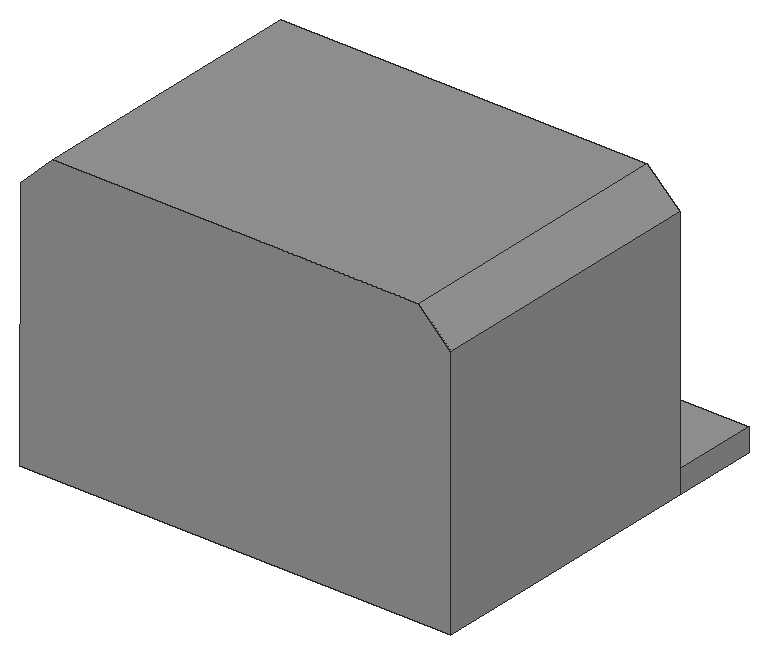
Revit family "Lavatory-Willoughby-1015-HS-20", category Plumbing Fixtures, Revit 2015
Parameters (values of type "Standard")
  Waste Connection = yes
  Vent Connection = no
  URL = "https://www.willoughby-ind.com/wp-content/uploads/2018/01/HS-1015-20.pdf"
  Revision = "A"
  Model = "HS-1015-20"
  Manufacturer = "Willoughby Industries"
  Lav Waste DIA = 1 1/2"
  HW Connection = no
  Fixture Body = Stainless Steel AISI 304-Willoughby
  Description = "20\" Wide, Rear Mounted Lavatory"
  Default Elevation = 0' - 0"
  Contact = "800-428-4065"
  CW Connection = no
Reference planes (in)
  plane 1 "Center (Front/Back)": y = 0
  plane 2: z = 0
  plane 3 "Center (Left/Right)": x = 0
  plane 4: x = -10
  plane 5: x = 10
  plane 6 "Sink HGT": y = 34
  plane 7 "Top Of Unit": y = 38
  plane 8 "LAV Drain": y = 25.75
  plane 9 "Bottom Of Unit": y = 20.75
  plane 10: z = 13.25
  plane 11: z = 11.75
  plane 12: x = 7.25
  plane 13: x = -7.25
  plane 14: z = 12
  plane 15: z = 2.5
Forms (in)
  Extrusion 1, solid, material "Stainless Steel AISI 304-Willoughby" <- "Fixture Body"
    sketch origin (0, 20.75, 0) x (-1, 0, 0) y (0, 0, 1)
      loop
        line (-10, 0) -> (10, 0) -> (10, 11.75) -> (8.5, 13.25) -> (-8.5, 13.25) -> (-10, 11.75) -> (-10, 0)
    from 0 to 13.25
  Extrusion 2, solid, material "Stainless Steel AISI 304-Willoughby" <- "Fixture Body"
    sketch origin (0, 0, 0) x (1, 0, 0) y (0, 1, 0)
      loop
        line (-10, 34) -> (10, 34) -> (10, 38) -> (-10, 38) -> (-10, 34)
    from 0 to 1.0625
  Extrusion 3, void
    sketch origin (0, 34, 0) x (-1, 0, 0) y (0, 0, 1)
      loop
        arc (-7.25, 3.25) -> (-7.03033, 2.71967) -> (-6.5, 2.5) r 0.75
        line (-6.5, 2.5) -> (6.5, 2.5)
        arc (6.5, 2.5) -> (7.03033, 2.71967) -> (7.25, 3.25) r 0.75
        line (7.25, 3.25) -> (7.25, 11.25)
        arc (7.25, 11.25) -> (7.03033, 11.78033) -> (6.5, 12) r 0.75
        line (6.5, 12) -> (-6.5, 12)
        arc (-6.5, 12) -> (-7.03033, 11.78033) -> (-7.25, 11.25) r 0.75
        line (-7.25, 11.25) -> (-7.25, 3.25)
    from 0 to -6
  Revolve 4, solid, material "Stainless Steel AISI 304-Willoughby" <- "Fixture Body"
    sketch origin (0, 25.75, 0) x (-1, 0, 0) y (0, 0, 1)
      loop
        line (0, -0.01359) -> (0.75, -0.01359) -> (0.75, 1.0625) -> (0, 1.0625) -> (0, -0.01359)
      axis (0, 1.0625) -> (0, -0.01359)
    angle from 0 to 360
Cuts and joins
  Extrusion 3 cuts Extrusion 1
Lines and regions (in)
  symbolic lines, detail levels medium+fine
    curve 1: line (-10, 38, 0) -> (10, 38, 0)
    curve 2: line (10, 38, 0) -> (10, 34, 0)
    curve 3: line (-10, 38, 0) -> (-10, 34, 0)
    curve 15: line (10, 25.75, 1.0625) -> (-10, 25.75, 1.0625)
    curve 28: line (0, 34, 0) -> (0, 38, 0)
    curve 29: line (0, 38, 0) -> (0, 38, 1.0625)
    curve 30: line (0, 38, 1.0625) -> (0, 34, 1.0625)
  symbolic lines
    curve 4: line (10, 34, 0) -> (10, 20.75, 0)
    curve 5: line (10, 20.75, 0) -> (-10, 20.75, 0)
    curve 6: line (-10, 20.75, 0) -> (-10, 34, 0)
    curve 9: line (10, 25.75, 0) -> (10, 25.75, 11.75)
    curve 10: line (10, 25.75, 11.75) -> (8.5, 25.75, 13.25)
    curve 11: line (8.5, 25.75, 13.25) -> (-8.5, 25.75, 13.25)
    curve 12: line (-8.5, 25.75, 13.25) -> (-10, 25.75, 11.75)
    curve 13: line (-10, 25.75, 11.75) -> (-10, 25.75, 0)
    curve 14: line (-10, 25.75, 0) -> (10, 25.75, 0)
    curve 24: line (0, 34, 0) -> (0, 34, 13.25)
    curve 25: line (0, 34, 13.25) -> (0, 20.75, 13.25)
    curve 26: line (0, 20.75, 13.25) -> (0, 20.75, 0)
    curve 27: line (0, 20.75, 0) -> (0, 34, 0)
    curve 32: line (-10, 34, 0) -> (10, 34, 0)
  symbolic lines, detail levels fine
    curve 7: line (-8.5, 34, 0) -> (-8.5, 20.75, 0)
    curve 8: line (8.5, 34, 0) -> (8.5, 20.75, 0)
    curve 16: line (7.25, 25.75, 3.25) -> (7.25, 25.75, 11.25)
    curve 17: line (6.5, 25.75, 12) -> (-6.5, 25.75, 12)
    curve 18: line (-7.25, 25.75, 11.25) -> (-7.25, 25.75, 3.25)
    curve 19: line (-6.5, 25.75, 2.5) -> (6.5, 25.75, 2.5)
    curve 20: arc (7.25, 25.75, 11.25) -> (7.03033, 25.75, 11.78033) -> (6.5, 25.75, 12) r 0.75
    curve 21: arc (-6.5, 25.75, 12) -> (-7.03033, 25.75, 11.78033) -> (-7.25, 25.75, 11.25) r 0.75
    curve 22: arc (-7.25, 25.75, 3.25) -> (-7.03033, 25.75, 2.71967) -> (-6.5, 25.75, 2.5) r 0.75
    curve 23: arc (6.5, 25.75, 2.5) -> (7.03033, 25.75, 2.71967) -> (7.25, 25.75, 3.25) r 0.75
    curve 31: line (0, 20.75, 11.75) -> (0, 34, 11.75)
Dimensions and locks (in)
  locked: plane 6 "Sink HGT" to plane 1 "Center (Front/Back)" at 34
  locked: plane 4 to plane 5 at 20
  locked: plane 1 "Center (Front/Back)" to plane 8 "LAV Drain" at 25.75
  locked: plane 8 "LAV Drain" to plane 9 "Bottom Of Unit" at 5
  locked: plane 7 "Top Of Unit" to plane 8 "LAV Drain" at 12.25
  locked: plane 6 "Sink HGT" to plane 9 "Bottom Of Unit" at 13.25
  locked: plane 7 "Top Of Unit" to plane 6 "Sink HGT" at 4
  aligned and locked: Extrusion 2 to plane 5
  aligned and locked: plane 7 "Top Of Unit" to Extrusion 2
  aligned and locked: plane 4 to Extrusion 2
  aligned and locked: Extrusion 2 to plane 6 "Sink HGT"
  aligned and locked: Extrusion 1 to plane 9 "Bottom Of Unit"
  aligned and locked: Extrusion 1 to plane 5
  aligned and locked: plane 4 to Extrusion 1
  aligned and locked: plane 6 "Sink HGT" to Extrusion 1
  aligned and locked: plane 12 to Extrusion 3
  aligned and locked: plane 14 to Extrusion 3
  aligned and locked: Extrusion 3 to plane 13
  aligned and locked: Revolve 4 sketch curve to Revolve 4 sketch curve  (x2)
  aligned and locked: plane 6 "Sink HGT" to Extrusion 3
  aligned and locked: curve 8 to cut or joined group of Extrusion 1, Extrusion 3  (x2)
  aligned and locked: curve 9 to curve 15
  aligned and locked: curve 15 to Extrusion 2
  aligned and locked: curve 32 to Extrusion 2
Connectors (in)
  piping at (0, 25.75, -0.01359), diameter 1.5, driven by "Lav Waste DIA", driven by "Waste Connection"
    settings: on Revolve 4, index 1, connector inside diameter 24", connector length 0' - 0", flow factor 0, pipe flow 0 GPM, pressure drop 0.00 psi, fitting loss kfactor 0, connector angle 0.00°, fixture units 0, engagement length 0' - 0", angle of deflection 0.00°, flow configuration 0, flow direction 2, fitting loss method 0, system type 16, joint type 0, gender type 0, connector reference index -1, connector utility 1, adjustable connector no, is connector primary yes, connector description "Sink Waste"
